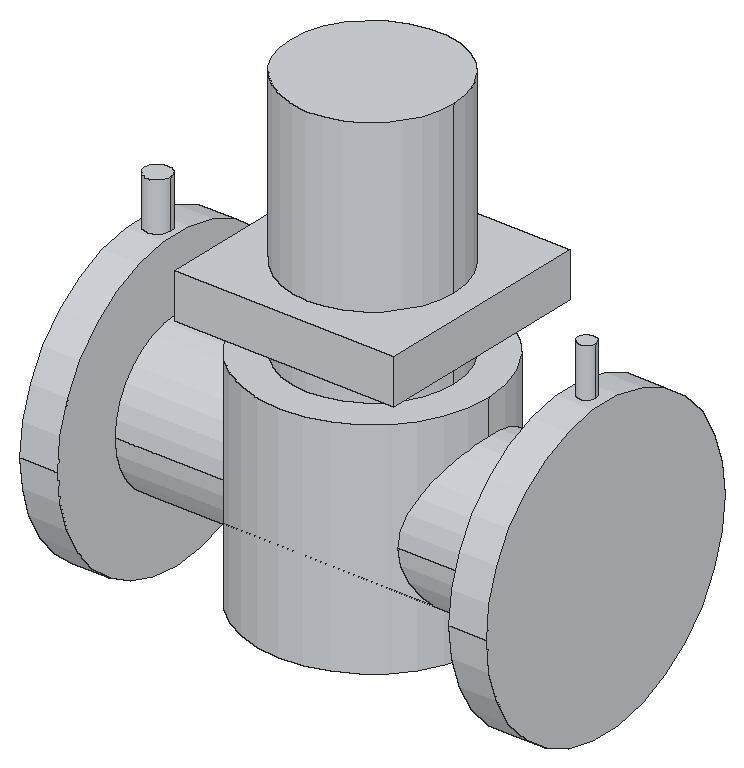
Revit family "PV_Compact_PN16_DN065_(20-100kPa)_RFA_2018", category Pipe Accessories, Revit 2018
Family settings
  Round Connector Dimension = Use Diameter
  Part Type = Valve - Breaks Into
  Work Plane-Based = No
  Always vertical = Yes
  Cut with Voids When Loaded = No
  Shared = No
Parameters (values of type "PV Compact PN16 DN065 (20-100kPa)")
  magiProductId = "4caf92840fdb43d88ad3b460526bbd"
  magiProductFamilyId = "23d1f353e6b1477a88f64fef0dfa1d"
  magiPartTypeId = 304
  isMeasuringValve [instance] = no
  ang2D [instance] = 0.00°
  W2D = 50 mm
  VersionID = "2.0/2018.12.13.2/FRESE_PV_COMPACT_BIG_Q13_001"
  Use Minimum Symbol Size [instance] = no
  URL = "www.hydronic.cz"
  Type Comments = "PŘÍRUBOVÝ; PN16; dpmax=1000kPa; -10~+120°C"
  R4 = 50.75 mm
  R3 = 48.1 mm
  R1 = 72.5 mm
  QmdConnectorList = "301;D;302;D"
  Productdata [instance] = ""
  Manufacturer = "Hydronic Systems Prague s.r.o."
  Maintenance Zone Under Depth [instance] = 100 mm
  Maintenance Zone Right Depth [instance] = 100 mm
  Maintenance Zone Over Depth [instance] = 100 mm
  Maintenance Zone Left Depth [instance] = 100 mm
  Maintenance Zone Front Depth [instance] = 100 mm
  Maintenance Zone Back Depth [instance] = 100 mm
  Maintenance Zone Front Visibility [instance] = no
  MC Use Limits From Balancing Method = no
  MC Throttling Minimum Value = 0
  MC Throttling Maximum Value = 0
  MC Product Code = "53-3303 DN65 PN16; nastavitelný rozsah dp=20~100kPa; Q=4,7~18,8 m3/h;  kvs=42"
  MC Pressure Drop Minimum Value = 0.0 Pa
  MC Pressure Drop Maximum Value = 0.0 Pa
  MC Piping Given Pressure Drop [instance] = 0.0 Pa
  LF__ve = -LF  # -23.2 mm
  LF2 = 11.6 mm
  LF = 23.2 mm
  L4 = 136.3 mm
  L3 = 243.6 mm
  L2D_Min = 30.48 mm
  L2D = 230 mm
  L2 = 145 mm
  H6 = 105.25 mm
  H4 = 27.75 mm
  H3 = 23.125 mm
  H2 = 69.375 mm
  H1 = 138.75 mm
  Description = "Nastavitelný regulátor tlakové diference"
  DF2 = 92.5 mm
  D = 65 mm
  Clearance Zone Height Depth [instance] = 100 mm
  Clearance Zone Circular Radius [instance] = 145 mm
  Clearance Zone Visibility [instance] = no
  CAT0 = yes
Types (7, lengths in mm): name | magiProductId | Type Comments | R4 | R3 | R1 | MC Product Code | LF__ve | LF2 | LF | L4 | L3 | L2 | H6 | H4 | H3 | H2 | H1 | DF2 | D | Clearance Zone Circular Radius
  PV Compact PN16 DN050 (20-100kPa) | "00877ad72a9f485bb97ca64af9b4c2" | "PŘÍRUBOVÝ; PN16; dpmax=1000kPa; -10~+120°C" | 40.25 | 42.9 | 57.5 | "53-3300 DN50 PN16; nastavitelný rozsah dp=20~100kPa; Q=3,2~13 m3/h;  kvs=29" | -18.4 | 9.2 | 18.4 | 108.1 | 193.2 | 115 | 82.25 | 24.75 | 20.625 | 61.875 | 123.75 | 82.5 | 50 | 115
  PV Compact PN16 DN065 (20-100kPa) | "4caf92840fdb43d88ad3b460526bbd" | "PŘÍRUBOVÝ; PN16; dpmax=1000kPa; -10~+120°C" | 50.75 | 48.1 | 72.5 | "53-3303 DN65 PN16; nastavitelný rozsah dp=20~100kPa; Q=4,7~18,8 m3/h;  kvs=42" | -23.2 | 11.6 | 23.2 | 136.3 | 243.6 | 145 | 105.25 | 27.75 | 23.125 | 69.375 | 138.75 | 92.5 | 65 | 145
  PV Compact PN16 DN080 (20-100kPa) | "fe1ae4728650433e927a6ac465ecb1" | "PŘÍRUBOVÝ; PN16; dpmax=1000kPa; -10~+120°C" | 54.25 | 52 | 77.5 | "53-3306 DN80 PN16; nastavitelný rozsah dp=20~100kPa; Q=7,5~30 m3/h;  kvs=67" | -24.8 | 12.4 | 24.8 | 145.7 | 260.4 | 155 | 141 | 30 | 25 | 75 | 150 | 100 | 80 | 155
  PV Compact PN16 DN100 (20-100kPa) | "9ee8abb4b353443d9e820e5bd3bf33" | "PŘÍRUBOVÝ; PN16; dpmax=1000kPa; -10~+120°C" | 61.25 | 61.1 | 87.5 | "53-3309 DN100 PN16; nastavitelný rozsah dp=20~100kPa; Q=12,9~51,4 m3/h;  kvs=115" | -28 | 14 | 28 | 164.5 | 294 | 175 | 234.75 | 35.25 | 29.375 | 88.125 | 176.25 | 117.5 | 100 | 175
  PV Compact PN16 DN125 (20-100kPa) | "e22e3bcdfcda477085ce507150ab41" | "PŘÍRUBOVÝ; PN16; dpmax=1000kPa; -10~+120°C" | 70 | 70.2 | 100 | "53-3312 DN125 PN16; nastavitelný rozsah dp=20~100kPa; Q=19,0~76,0 m3/h;  kvs=170" | -32 | 16 | 32 | 188 | 336 | 200 | 225.5 | 40.5 | 33.75 | 101.25 | 202.5 | 135 | 125 | 200
  PV Compact PN16 DN150 (20-100kPa) | "c042f62d475c462ea84624600fc620" | "PŘÍRUBOVÝ; PN16; dpmax=1000kPa; -10~+120°C" | 84 | 74.1 | 120 | "53-3315 DN150 PN16; nastavitelný rozsah dp=20~100kPa; Q=28,0~112 m3/h;  kvs=250" | -38.4 | 19.2 | 38.4 | 225.6 | 403.2 | 240 | 256.25 | 42.75 | 35.625 | 106.875 | 213.75 | 142.5 | 150 | 240
  PV Compact PN16 DN200 (20-100kPa) | "073b87d1a570497386745af6d59d88" | "PŘÍRUBOVÝ; PN16; dpmax=1000kPa; -10~+110°C" | 105 | 98.8 | 150 | "53-3318 DN200 PN16; nastavitelný rozsah dp=20~100kPa; Q=30,7~123 m3/h;  kvs=275" | -48 | 24 | 48 | 282 | 504 | 300 | 150 | 57 | 47.5 | 142.5 | 285 | 190 | 200 | 300
Reference planes
  plane 1 "Center (Front/Back)": y = 0
  plane 2 "XYPLANE": z = 0
  plane 3 "Center (Left/Right)": x = 0
  plane 4 "257": y = -92.5
  plane 5 "256": y = 92.5
  plane 6 "255": z = -92.5
  plane 7 "254": y = -192.5
  plane 8 "253": y = 192.5
  plane 9 "252": x = -245
  plane 10 "251": x = 245
  plane 11 "250": z = 325.5
  plane 12 "249": z = -192.5
  plane 13 "248": z = 325.5
  plane 14 "247": z = 225.5
  plane 15 "157": x = 133.4
  plane 16 "156": x = -133.4
  plane 17 "155": z = 92.5
  plane 18 "154": z = 120.25
  plane 19 "153": z = 92.5
  plane 20 "152": z = 69.375
  plane 21 "151": x = -121.8
  plane 22 "150": z = -69.375
  plane 23 "149": x = 0
  plane 24 "148": y = 0
  plane 25 "147": z = 0
  plane 26 "146": x = -145
  plane 27 "145": x = 145
Forms (mm)
  Blend 1, solid, visible <- "Maintenance Zone Front Visibility"
    base sketch origin (-750, 0, -192.5) x (1, 0, 0) y (0, 1, 0)
      loop
        line (505, 192.5) -> (505, -192.5) -> (995, -192.5) -> (995, 192.5) -> (505, 192.5)
    top sketch origin (-750, 0, -192.5) x (1, 0, 0) y (0, 1, 0)
      loop
        line (505, 192.5) -> (505, -192.5) -> (995, -192.5) -> (995, 192.5) -> (505, 192.5)
    from 0 to 518
  Blend 2, solid, visible <- "Clearance Zone Visibility"
    base sketch origin (-750, 0, 0) x (1, 0, 0) y (0, 1, 0)
      loop
        circle (750, 0) r 145
    top sketch origin (-750, 0, 0) x (1, 0, 0) y (0, 1, 0)
      loop
        circle (750, 0) r 145
    from 0 to 325.5
  Extrusion 3, solid, visible <- "CAT0"
    sketch origin (-750, 0, 92.5) x (1, 0, 0) y (0, 1, 0)
      loop
        circle (883.4, 0) r 5.5
    from 0 to 30
  Extrusion 4, solid, visible <- "CAT0"
    sketch origin (-750, 0, 92.5) x (1, 0, 0) y (0, 1, 0)
      loop
        circle (616.6, 0) r 7.9
    from 0 to 30
  Extrusion 5, solid
    sketch origin (-750, 0, 120.25) x (1, 0, 0) y (0, 1, 0)
      loop
        circle (750, 0) r 50.75
    from 0 to 105.25 <- "H6"
  Extrusion 6, solid, visible <- "CAT0"
    sketch origin (-750, 0, 92.5) x (1, 0, 0) y (0, 1, 0)
      loop
        line (818.15, 68.15) -> (681.85, 68.15) -> (681.85, -68.15) -> (818.15, -68.15) -> (818.15, 68.15)
    from 0 to 27.75 <- "H4"
  Extrusion 7, solid, visible <- "CAT0"
    sketch origin (-750, 0, 69.375) x (1, 0, 0) y (0, 1, 0)
      loop
        circle (750, 0) r 50.75
    from 0 to 23.125 <- "H3"
  Extrusion 8, solid, visible <- "CAT0"
    sketch origin (-121.8, -750, 0) x (0, 1, 0) y (0, 0, 1)
      loop
        circle (750, 0) r 48.1
    from 0 to 243.6 <- "L3"
  Extrusion 9, solid, visible <- "CAT0"
    sketch origin (-750, 0, -69.375) x (1, 0, 0) y (0, 1, 0)
      loop
        circle (750, 0) r 72.5
    from 0 to 138.75 <- "H1"
  Extrusion 10, solid, visible <- "CAT0"
    sketch origin (-145, -750, 0) x (0, 1, 0) y (0, 0, 1)
      loop
        circle (750, 0) r 92.5
    from 0 to 23.2 <- "LF"
  Extrusion 11, solid, visible <- "CAT0"
    sketch origin (145, -750, 0) x (0, 1, 0) y (0, 0, 1)
      loop
        circle (750, 0) r 92.5
    from 0 to -23.2 <- "LF__ve"
  Extrusion 12, solid, not visible
    sketch origin (-145, -750, 0) x (0, 1, 0) y (0, 0, 1)
      loop
        circle (750, 0) r 10
    from 0 to 10
  Extrusion 13, solid, not visible
    sketch origin (145, -750, 0) x (0, 1, 0) y (0, 0, 1)
      loop
        circle (750, 0) r 10
    from 0 to -10
Lines and regions (mm)
  reference lines, not visible
    curve 1: circle (2, 2, 0) r 1 normal (0, 0, 1)
  reference lines
    curve 2: circle (0, 0, 92.5) r 1 normal (0, 0, 1)
Dimensions and locks
  plane 1 "Center (Front/Back)" to curve 1 = 2 mm
  "DF2": plane 24 "148" to plane 4 "257"
  "DF2": plane 24 "148" to plane 5 "256"
  "DF2": plane 25 "147" to plane 6 "255"
  "Maintenance Zone Front Depth": plane 4 "257" to plane 7 "254"
  "Maintenance Zone Back Depth": plane 5 "256" to plane 8 "253"
  "Maintenance Zone Left Depth": plane 26 "146" to plane 9 "252"
  "Maintenance Zone Right Depth": plane 27 "145" to plane 10 "251"
  "Maintenance Zone Over Depth": plane 14 "247" to plane 11 "250"
  "Maintenance Zone Under Depth": plane 6 "255" to plane 12 "249"
  "Clearance Zone Height Depth": plane 14 "247" to plane 13 "248"
  "H6": plane 18 "154" to plane 14 "247"
  "LF2": plane 27 "145" to plane 15 "157"
  "LF2": plane 26 "146" to plane 16 "156"
  "DF2": plane 2 "XYPLANE" to plane 17 "155"
  "H4": plane 19 "153" to plane 18 "154"
  "H3": plane 20 "152" to plane 19 "153"
  "H1": plane 22 "150" to plane 20 "152"
  "LF": plane 26 "146" to plane 21 "151"
  "H2": plane 2 "XYPLANE" to plane 22 "150"
  locked: plane 3 "Center (Left/Right)" to plane 23 "149"
  locked: plane 1 "Center (Front/Back)" to plane 24 "148"
  locked: plane 2 "XYPLANE" to plane 25 "147"
  "L2": plane 3 "Center (Left/Right)" to plane 26 "146"
  "L2": plane 3 "Center (Left/Right)" to plane 27 "145"
  Blend 1 sketch curve to Blend 1 sketch curve = 0 mm  (x16)
  equal spacing: Extrusion 6 sketch curve, curve 2, Extrusion 6 sketch curve  (x2)
  "L4": Extrusion 6 sketch curve to Extrusion 6 sketch curve  (x2)
  Extrusion 6 sketch curve to Extrusion 6 sketch curve = 0 mm  (x8)
  "Clearance Zone Circular Radius": radius of Blend 2 sketch curve  (x2)
  "R4": radius of Extrusion 5 sketch curve
  "R4": radius of Extrusion 7 sketch curve
  "R3": radius of Extrusion 8 sketch curve
  "R1": radius of Extrusion 9 sketch curve
  "DF2": radius of Extrusion 10 sketch curve
  "DF2": radius of Extrusion 11 sketch curve
  aligned and locked: level to plane 2 "XYPLANE"
  aligned and locked: Blend 1 sketch curve to plane 8 "253"  (x2)
  aligned and locked: plane 9 "252" to Blend 1 sketch curve  (x4)
  aligned and locked: plane 10 "251" to Blend 1 sketch curve  (x4)
  aligned and locked: plane 8 "253" to Blend 1 sketch curve  (x2)
  aligned and locked: plane 7 "254" to Blend 1 sketch curve  (x4)
  aligned and locked: plane 11 "250" to Blend 1
  aligned and locked: plane 23 "149" to Blend 2 sketch curve  (x2)
  aligned and locked: plane 24 "148" to Blend 2 sketch curve  (x2)
  aligned and locked: plane 13 "248" to Blend 2
  aligned and locked: plane 15 "157" to Extrusion 3 sketch curve
  aligned and locked: plane 24 "148" to Extrusion 3 sketch curve
  aligned and locked: plane 16 "156" to Extrusion 4 sketch curve
  aligned and locked: plane 24 "148" to Extrusion 4 sketch curve
  aligned and locked: plane 23 "149" to Extrusion 5 sketch curve
  aligned and locked: plane 24 "148" to Extrusion 5 sketch curve
  aligned and locked: plane 23 "149" to curve 2
  aligned and locked: plane 24 "148" to curve 2
  aligned and locked: plane 23 "149" to Extrusion 7 sketch curve
  aligned and locked: plane 24 "148" to Extrusion 7 sketch curve
  aligned and locked: Extrusion 8 sketch curve to plane 24 "148"
  aligned and locked: plane 25 "147" to Extrusion 8 sketch curve
  aligned and locked: plane 23 "149" to Extrusion 9 sketch curve
  aligned and locked: plane 24 "148" to Extrusion 9 sketch curve
  aligned and locked: Extrusion 10 sketch curve to plane 24 "148"
  aligned and locked: plane 25 "147" to Extrusion 10 sketch curve
  aligned and locked: Extrusion 11 sketch curve to plane 24 "148"
  aligned and locked: plane 25 "147" to Extrusion 11 sketch curve
  aligned and locked: Extrusion 12 sketch curve to plane 24 "148"
  aligned and locked: plane 25 "147" to Extrusion 12 sketch curve
  aligned and locked: Extrusion 13 sketch curve to plane 24 "148"
  aligned and locked: plane 25 "147" to Extrusion 13 sketch curve
Automatic sketch dimensions
  Extrusion 3 sketch curve to plane 15 "157" = 5.5 mm
  plane 26 "146" to Extrusion 4 sketch curve = 3.7 mm
  plane 1 "Center (Front/Back)" to Extrusion 12 sketch curve = 10 mm
  plane 1 "Center (Front/Back)" to Extrusion 13 sketch curve = 10 mm
  plane 3 "Center (Left/Right)" to curve 1 = 2 mm
  Extrusion 6 sketch curve to plane 5 "256" = 24.35 mm
  plane 21 "151" to Extrusion 6 sketch curve = 53.65 mm
  radius of curve 2 = 1 mm
  radius of curve 1 = 1 mm
Connectors
  piping at (-145, 0, 0), diameter 65, driven by "D"
    settings: on Extrusion 12, index 1, connector inside diameter 609.6 mm, connector length 0 mm, flow factor 0, pipe flow 0.0 L/s, pressure drop 0.0 Pa, fitting loss kfactor 0, connector angle 0.00°, fixture units 0, engagement length 0 mm, angle of deflection 0.00°, flow configuration 0, flow direction 0, fitting loss method 0, system type 29, joint type 0, gender type 0, connector reference index 2, connector utility 0, adjustable connector no, is connector primary yes, connector description ""
  piping at (145, 0, 0), diameter 65, driven by "D"
    settings: on Extrusion 13, index 2, connector inside diameter 609.6 mm, connector length 0 mm, flow factor 0, pipe flow 0.0 L/s, pressure drop 0.0 Pa, fitting loss kfactor 0, connector angle 0.00°, fixture units 0, engagement length 0 mm, angle of deflection 0.00°, flow configuration 0, flow direction 0, fitting loss method 0, system type 29, joint type 0, gender type 0, connector reference index 1, connector utility 0, adjustable connector no, is connector primary no, connector description ""
